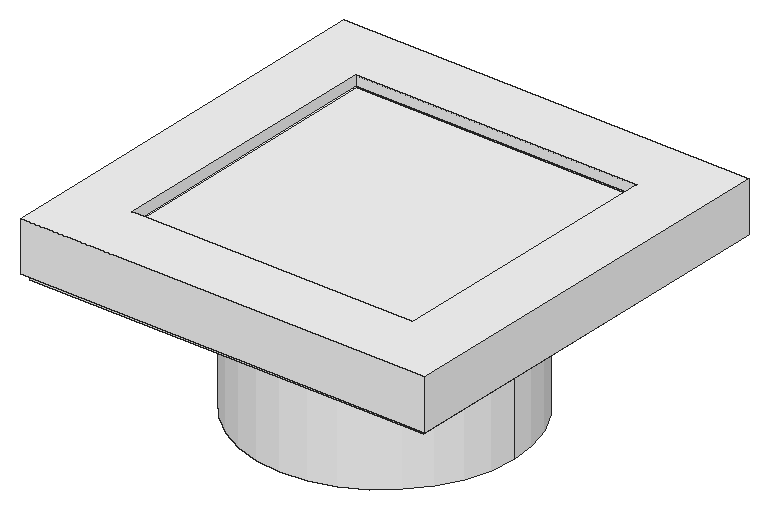
Revit family "Gira_012627", category Electrical Fixtures, host Face, Revit 2017
Family settings
  Host = Face
  Maintain Annotation Orientation = Yes
  Round Connector Dimension = Use Diameter
  Part Type = Normal
  Cut with Voids When Loaded = No
  Shared = No
  Room Calculation Point = No
Parameters (values of type "Tastschalter AusWe System 55 Reinweiß m")
  Zusammenstellung = "Basiselement mit zentraler Abdeckplatte"
  White [instance] = White
  Werkstoffgüte = "Thermoplast"
  Werkstoff = "sonstige"
  Waschmaschinenschalter = "No"
  URL = "http://katalog.gira.de/de_DE/datenblatt.html?artikelnr=012627"
  Textfeld/Beschriftungsfläche = "nein"
  Tastschalter = "Yes"
  Schaltungsart = "Wechselschalter"
  Rückmeldekontakt = "No"
  Region = "DE"
  RAL-Nummer (ähnlich) = "9010 "
  Oberfläche = "sonstige"
  Nennspannung = "250 Volt"
  Name = "Tastschalter AusWe System 55 Reinweiß m"
  Montageart = "unter Putz"
  Model = "Sys55_Komplettgerät_Schalten und Tasten"
  Mit Montageplatte = "No"
  Manufacturer URL = "https://www.gira.de/"
  HeinzeBIM = "https://bimportal.heinze.de/bim/tastschalter-auswe-system-55-reinweiss-m/11ee9b2e23b0acd12047d7921ea856fba2c467cb"
  Halogenfrei = "Yes"
  HAN = "012627"
  Geeignet für Schutzart (IP) = "IP20"
  GTIN = "4010337126270"
  Farbe = "weiß"
  Default Elevation = 1219.2 mm
  Data sheet (1) = "https://katalog.gira.de/de_DE/download.html?artikelnr=012627"
  Category = "Installationsschalter"
  Bemessungsstrom = "10 Ampere"
  Beleuchtung = "nein"
  Befestigungsart = "Krallen-/Schraubbefestigung"
  Bedienungsart = "Wippe/Taste"
  Available = "Yes"
  Ausführung der Oberfläche = "matt"
  Anzahl der Module (bei Modulbauweise) = "1 "
  Anzahl der Betätigungswippen = "1 "
  Anschlussart = "Steckklemme"
Reference planes
  plane 1 "Center (Front/Back)": y = 0
  plane 2: z = 0
  plane 3 "Center (Left/Right)": x = 0
Forms (mm)
  Extrusion 1, solid, material "White" <- "White", detail levels medium
    sketch origin (0, 0, 0) x (1, 0, 0) y (0, 1, 0)
      loop
        line (-40.4, 40.4) -> (-40.4, -40.4) -> (40.4, -40.4) -> (40.4, 40.4) -> (-40.4, 40.4)
      loop
        line (-28, 28) -> (-28, -28) -> (28, -28) -> (28, 28) -> (-28, 28)
    from 0 to 10
  Extrusion 2, solid, material "White" <- "White", detail levels fine
    sketch origin (0, 0, 0) x (1, 0, 0) y (0, 1, 0)
      loop
        line (-40.4, 40.4) -> (-40.4, -40.4) -> (40.4, -40.4) -> (40.4, 40.4) -> (-40.4, 40.4)
      loop
        line (-28, 28) -> (-28, -28) -> (28, -28) -> (28, 28) -> (-28, 28)
    from 0 to 10
  Extrusion 3, void
    sketch origin (0, 0, 0) x (1, 0, 0) y (0, 1, 0)
      loop
        line (-38.4, 38.4) -> (-38.4, -38.4) -> (38.4, -38.4) -> (38.4, 38.4) -> (-38.4, 38.4)
    from 0 to 8
  Extrusion 4, solid, material "White" <- "White", detail levels medium+fine
    sketch origin (0, 0, 0) x (1, 0, 0) y (0, 1, 0)
      loop
        line (-39.4, 39.4) -> (-39.4, -39.4) -> (39.4, -39.4) -> (39.4, 39.4) -> (-39.4, 39.4)
    from 0 to -1
  Extrusion 5, solid, material "White" <- "White", detail levels medium+fine
    sketch origin (0, 0, 0) x (1, 0, 0) y (0, 1, 0)
      loop
        line (-35.5, 35.5) -> (-35.5, -35.5) -> (35.5, -35.5) -> (35.5, 35.5) -> (-35.5, 35.5)
    from -2 to -3
  Extrusion 6, solid, material "White" <- "White", detail levels medium+fine
    sketch origin (0, 0, 0) x (1, 0, 0) y (0, 1, 0)
      loop
        circle (0, 0) r 26
    from 0 to -27.5
  Extrusion 7, solid, material "White" <- "White", detail levels coarse
    sketch origin (0, 0, 0) x (1, 0, 0) y (0, 1, 0)
      loop
        line (-40.4, 40.4) -> (-40.4, -40.4) -> (40.4, -40.4) -> (40.4, 40.4) -> (-40.4, 40.4)
    from -27.5 to 10
Cuts and joins
  Extrusion 3 cuts Extrusion 2
Dimensions and locks
  aligned and locked: plane 2 to host face
  aligned and locked: level to host face
  aligned and locked: plane 3 "Center (Left/Right)" to nested 2
  aligned and locked: plane 1 "Center (Front/Back)" to nested 2
Nested families
  nested 1: "Sys55_Abdeckung_Schalten und Tasten_floor_base" at (0, 0, 0), type "Sys55_Abdeckung_Schalten und Tasten_floor_base"
  nested 2: "Schalter" at (0, 0, 0), type "Schalter"
Connectors
  electrical at (0, 0, -27.5)
    settings: on Extrusion 6, index 1, voltage 220 V, apparent load 0 VA, apparent load phase1 0 VA, apparent load phase2 0 VA, apparent load phase3 0 VA, power factor 1, load classification "Other", number of poles 1, system type 30, power factor state 1, is connector primary yes, connector utility no, sub classification motor no, connector description ""
Definition of nested family "Sys55_Abdeckung_Schalten und Tasten_floor_base"
  Parameters
    Default Elevation = 1219.2 mm
    White [instance] = none
  Reference planes
    plane 1 "Center (Front/Back)": y = 0
    plane 2: z = 0
    plane 3 "Center (Left/Right)": x = 0
  Forms (mm)
    Extrusion 1, solid
      sketch origin (0, 0, 0) x (1, 0, 0) y (0, 1, 0)
        loop
          line (-1219.2, 1219.2) -> (-1219.2, -1219.2) -> (1219.2, -1219.2) -> (1219.2, 1219.2) -> (-1219.2, 1219.2)
      from 0 to -304.8
    Extrusion 2, solid, material <- "White", detail levels fine
      sketch origin (0, 0, 0) x (1, 0, 0) y (0, 1, 0)
        loop
          line (-27.5, 27.5) -> (-27.5, -27.5) -> (27.5, -27.5) -> (27.5, 27.5) -> (-27.5, 27.5)
      from 0 to 8
    Extrusion 3, void
      sketch origin (0, 0, 0) x (1, 0, 0) y (0, 1, 0)
        loop
          line (26, 26) -> (-26, 26) -> (-26, -26) -> (26, -26) -> (26, 26)
      from 0 to 6
    Extrusion 4, solid, material <- "White", detail levels medium
      sketch origin (0, 0, 0) x (1, 0, 0) y (0, 1, 0)
        loop
          line (-27.5, 27.5) -> (-27.5, -27.5) -> (27.5, -27.5) -> (27.5, 27.5) -> (-27.5, 27.5)
      from 0 to 8
    Extrusion 5, solid, material <- "White", detail levels medium
      sketch origin (0, 0, 0) x (1, 0, 0) y (0, 1, 0)
        loop
          line (11, -17.5) -> (11, 17.5) -> (-11, 17.5) -> (-11, -17.5) -> (11, -17.5)
      from -6 to 6
    Extrusion 6, solid, material <- "White", detail levels fine
      sketch origin (0, 0, 0) x (1, 0, 0) y (0, 1, 0)
        loop
          line (11, 17.5) -> (-11, 17.5) -> (-11, 16.5) -> (11, 16.5) -> (11, 17.5)
        loop
          line (-11, -16.5) -> (-11, -17.5) -> (11, -17.5) -> (11, -16.5) -> (-11, -16.5)
      from -4 to 6
    Extrusion 7, solid, material <- "White", detail levels fine
      sketch origin (0, 0, 0) x (1, 0, 0) y (0, 1, 0)
        loop
          arc (5, 9.347) -> (0, 10.6) -> (-5, 9.347) r 10.6
          line (-5, 9.347) -> (-5, -9.347)
          arc (-5, -9.347) -> (0, -10.6) -> (5, -9.347) r 10.6
          line (5, -9.347) -> (5, 9.347)
      from -6 to 6
    Extrusion 8, solid, material <- "White", detail levels coarse
      sketch origin (0, 0, 0) x (1, 0, 0) y (0, 1, 0)
        loop
          line (-27.5, 27.5) -> (-27.5, -27.5) -> (27.5, -27.5) -> (27.5, 27.5) -> (-27.5, 27.5)
      from -6 to 8
  Cuts and joins
    Extrusion 3 cuts Extrusion 2
  Dimensions and locks
    aligned and locked: plane 2 to Extrusion 1
    aligned and locked: level to Extrusion 1
Definition of nested family "Schalter"
  Reference planes
    plane 1: y = 0
    plane 2: x = 0
  Lines and regions (mm)
    detail lines
      curve 1: circle (1.375, 2.778, 0) r 0.8 normal (0, 0, 1)
      curve 2: line (1.021, 2.061, 0) -> (0, 0, 0)
      curve 3: line (0, 0, 0) -> (-0.538, 0.266, 0)
  Dimensions and locks
    curve 2 to curve 2 = 2.3 mm
    curve 3 to curve 2 = 0.6 mm
    radius of curve 1 = 0.8 mm
